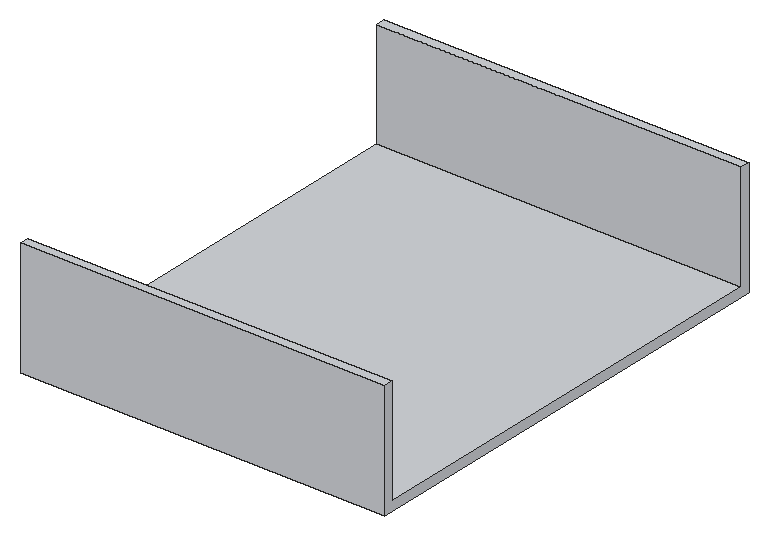
Revit family "Cable Tray", category ケーブル ラック継手, Revit 2022
Family settings
  丸型コネクタ寸法 = 直径を使用
  パーツ タイプ = チャネル ユニオン
  OmniClass 番号 = 23.80.30.17.17
  OmniClass タイトル = Cable Trays and Horizontal Racks
  作業面ベース = いいえ
  常に垂直 = はい
  ロード時にボイドで切り取り = いいえ
  共有 = いいえ
Parameters (values of type "シャフト用")
  起点の表示 [instance] = yes
  終点の表示 [instance] = yes
  注釈幅 [instance] = if(ラックの倍率 > 0, トレイ幅 * ラックの倍率, トレイ幅)  # 125 mm
  ラックの倍率 [instance] = 1
  トレイ幅 [instance] = 125 mm
  トレイ長さ [instance] = 100 mm
  トレイ高さ [instance] = 32 mm
  ForShaft = yes
  built-in parameter 1114242 [instance] = 1 < 0  # (empty or 0)
  既定の高さ [instance] = 2.5 mm
  GeneralRack = not(ForShaft)  # no
  注釈高さ [instance] = if(ラックの倍率 > 0, トレイ高さ * ラックの倍率, トレイ高さ)  # 32 mm
  built-in parameter 1154647 = 0 mm
Types (2, lengths in mm): name | ForShaft | GeneralRack
  シャフト用 | yes | no
  汎用 | no | yes
Reference planes
  plane 1 "中心(正面/背面)": y = 0
  plane 2: z = 0
  plane 3 "中心(左/右)": x = 0
  plane 4: x = 50
  plane 5: y = 62.5
  plane 6: y = -62.5
  plane 7: z = 16
  plane 8: z = -16
  plane 9: z = -13.5
  plane 10: y = 60
  plane 11: y = -60
  plane 12: y = 62.5
  plane 13: y = -62.5
  plane 14: z = 16
  plane 15: z = -16
  plane 16: x = 100
  plane 17: z = 16
  plane 18: z = -16
  plane 19: y = 62.5
  plane 20: y = -62.5
  plane 21: z = 16
  plane 22: z = -16
Forms (mm)
  Sweep 1, solid, detail levels fine
    path in 3D
      loop
        line (0, 0, 0) -> (100, 0, 0)
    profile origin (50, 0, 0) x (0, 1, 0) y (0, 0, 1)
      loop
        line (62.5, -16) -> (62.5, 16) -> (60, 16) -> (60, -13.5) -> (-60, -13.5) -> (-60, 16) -> (-62.5, 16) -> (-62.5, -16) -> (62.5, -16)
  Sweep 2, solid, detail levels coarse+medium
    path in 3D
      loop
        line (0, 0, 0) -> (100, 0, 0)
    profile origin (50, 0, 0) x (0, 1, 0) y (0, 0, 1)
      loop
        line (62.5, 16) -> (-62.5, 16) -> (-62.5, -16) -> (62.5, -16) -> (62.5, 16)
Lines and regions (mm)
  model lines, not visible, detail levels coarse
    curve 1: line (0, 0, 0) -> (100, 0, 0)
  sketch lines
    curve 2: line (0, 0, 0) -> (100, 0, 0)
    curve 3: line (0, 0, 0) -> (100, 0, 0)
  symbolic lines, style "Boundary"
    curve 4: line (0, 62.5, 0) -> (100, 62.5, 0)
    curve 6: line (100, -62.5, 0) -> (0, -62.5, 0)
  symbolic lines, style "Boundary", visible <- "起点の表示"
    curve 5: line (0, -62.5, 0) -> (0, 62.5, 0)
  symbolic lines, style "Boundary", visible <- "終点の表示"
    curve 7: line (100, 62.5, 0) -> (100, -62.5, 0)
  symbolic lines, style "Sign H", visible <- "ForShaft"
    curve 8: line (100, -62.5, 16) -> (100, -62.5, -16)
    curve 9: line (100, 62.5, 16) -> (100, 62.5, -16)
    curve 10: line (100, 62.5, 0) -> (100, -62.5, 0)
  symbolic lines, style "CableTrayFitting", visible <- "GeneralRack"
    curve 11: line (100, 62.5, 16) -> (100, 62.5, -16)
    curve 12: line (100, 62.5, -16) -> (100, -62.5, -16)
    curve 13: line (100, -62.5, -16) -> (100, -62.5, 16)
Dimensions and locks
  equal spacing: plane 5, plane 1 "中心(正面/背面)", plane 6
  "トレイ幅": plane 5 to plane 6
  equal spacing: plane 7, plane 2, plane 8
  "トレイ高さ": plane 7 to plane 8
  "既定の高さ": plane 5 to plane 10
  "既定の高さ": plane 11 to plane 6
  "既定の高さ": plane 8 to plane 9
  "トレイ幅": plane 12 to plane 13
  equal spacing: plane 12, plane 1 "中心(正面/背面)", plane 13
  equal spacing: plane 14, plane 2, plane 15
  "トレイ高さ": plane 14 to plane 15
  equal spacing: plane 3 "中心(左/右)", plane 4, plane 16
  "トレイ長さ": plane 3 "中心(左/右)" to plane 16
  equal spacing: curve 4, plane 1 "中心(正面/背面)", curve 6
  "注釈幅": curve 4 to curve 6
  equal spacing: plane 17, plane 2, plane 18
  "注釈高さ": plane 17 to plane 18
  equal spacing: plane 19, plane 1 "中心(正面/背面)", plane 20
  "注釈幅": plane 19 to plane 20
  equal spacing: plane 21, plane 2, plane 22
  "トレイ高さ": plane 21 to plane 22
  aligned and locked: plane 1 "中心(正面/背面)" to curve 1
  aligned and locked: plane 6 to Sweep 1 sketch curve  (x2)
  aligned and locked: plane 8 to Sweep 1 sketch curve  (x2)
  aligned and locked: Sweep 1 sketch curve to plane 5
  aligned and locked: plane 7 to Sweep 1 sketch curve  (x3)
  aligned and locked: plane 11 to Sweep 1 sketch curve  (x2)
  aligned and locked: plane 9 to Sweep 1 sketch curve  (x2)
  aligned and locked: plane 10 to Sweep 1 sketch curve  (x2)
  aligned and locked: Sweep 1 sketch curve to plane 7
  aligned and locked: Sweep 2 sketch curve to plane 14
  aligned and locked: Sweep 2 sketch curve to plane 15
  aligned and locked: plane 13 to Sweep 2 sketch curve
  aligned and locked: plane 12 to Sweep 2 sketch curve
  aligned and locked: plane 16 to curve 1
  aligned and locked: plane 3 "中心(左/右)" to curve 1
  aligned and locked: curve 9 to plane 19
  aligned and locked: plane 17 to curve 9
  aligned and locked: curve 8 to plane 20
  aligned and locked: plane 18 to curve 8
  aligned and locked: plane 17 to curve 8
  aligned and locked: curve 10 to plane 2
  aligned and locked: plane 18 to curve 12
  aligned and locked: curve 13 to plane 20
  aligned and locked: plane 19 to curve 11
  aligned and locked: plane 17 to curve 11
  aligned and locked: plane 17 to curve 13
Connectors
  cabletrayconduit at (0, 0, 0), diameter 609.6, driven by "トレイ高さ", driven by "トレイ幅"
    settings: on Sweep 2, index 1, connector width 125 mm, connector height 32 mm, connector angle 0.00°, system type 32, placement type 0, profile type 1, connector reference index 2, is primary connector yes, connector utility param no, connector description ""
  cabletrayconduit at (100, 0, 0), diameter 609.6, driven by "トレイ高さ", driven by "トレイ幅"
    settings: on Sweep 2, index 2, connector width 125 mm, connector height 32 mm, connector angle 0.00°, system type 32, placement type 0, profile type 1, connector reference index 1, is primary connector no, connector utility param no, connector description ""
